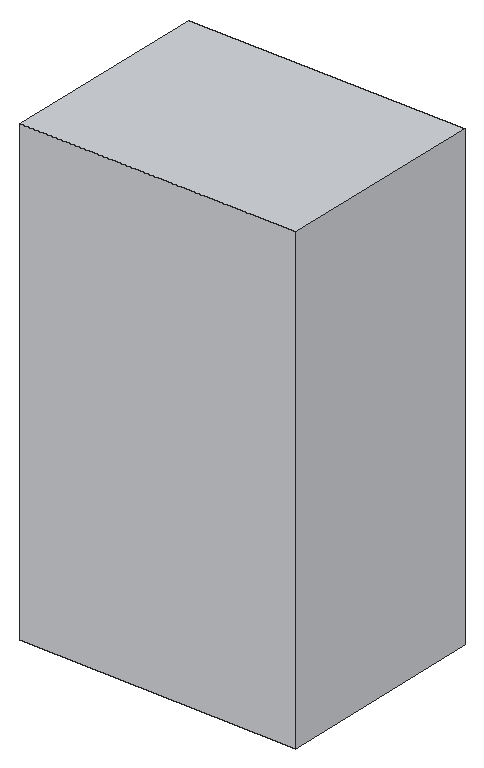
Revit family
Parameters
  Warranty Duration (Years) = 0
  Unit Width [instance] = 1' - 8"
  Unit Height [instance] = 1' - 8"
  Unit Depth = 0' - 1"
  URL = "http://www.americanspecialties.com/viewCategories.cfm"
  Trim Material = Glass
  Test Data = ""
  Specification = "http://www.arcat.com/sdspecs/htm/10810asi.htm"
  SpecWizard = ""
  Send Message = "http://www.arcat.com/users.pl?action=UserEmail&company=American%20Specialties,%20Inc.&coid=30448&rep=139&fax=914-476-0688&mf="
  Sales Information = "http://www.americanspecialties.com/contact"
  Revision = "R1_10-2010"
  Product Properties = "http://www.americanspecialties.com/datasheets/0600.pdf"
  Product Data = "http://www.arcat.com/arcatcos/cos30/arc30448.html"
  Model = "As Specified in 10 28 13"
  Mirror W [instance] = 1' - 7"
  Mirror Height = 1' - 7 1/2"
  Manufacturer Website = "http://www.americanspecialties.com/viewCategories.cfm"
  Manufacturer Phone - Toll Free = ""
  Manufacturer Phone = "914-476-9000 "
  Manufacturer Fax = "914-476-0688"
  Manufacturer Address = "441 Saw Mill River Rd., Yonkers, NY 10701"
  Manufacturer = "American Specialties, Inc."
  Maintenance Schedule (Months) = 0
  M = if(B = 0' 4", 0' 3 205/256", 0' 0 7/8")  # 0' - 0 7/8"
  Keynote = "10 28 13"
  Installation-Fabrication = "http://www.americanspecialties.com/products.cfm"
  Green Building-LEED = ""
  Expected Lifespan (Years) = 0
  Drawn By = "Robert S. Weygant. CSI, CDT, SCIP"  # constant formula
  Description = "Toilet Accessory as Specified in 10 28 13"
  Default Elevation = 4' - 0"
  Copyright = "©Arcat Inc."
  Construction Details = "http://www.arcat.com/green/clients/leed_data_30448.html"
  Building Codes = "http://www.americanspecialties.com/products.cfm"
  Body Material = Metal - Stainless Steel
  B = 0' - 1"
  Assembly Code = "C1030210"
Reference planes (in)
  plane 1 "Center (Front/Back)": y = -0.29112
  plane 2 "Floor Line": z = 0
  plane 3 "Center (Left/Right)": x = -0.65843
  plane 4: z = 58
  plane 5: x = -10.65843
  plane 6: x = 9.34157
  plane 7: z = 48
  plane 8: z = 68
  plane 9: x = 8.84157
  plane 10: x = -10.15843
Forms (in)
  Extrusion 1, solid
    sketch origin (-3, -9, -6) x (0, 0, -1) y (1, 0, 0)
      loop
        line (-82, 26) -> (-82, -19.34712) -> (-6, -19.34712) -> (-6, 26) -> (-82, 26)
    from 9 to -25.60721
  Extrusion 2, solid, material "Metal - Stainless Steel" <- "Body Material"
    sketch origin (-8.65843, 1.75, 0) x (0, 1, 0) y (0, 0, 1)
      loop
        line (-10.79112, 0) -> (9.20888, 0) -> (9.20888, 1) -> (-10.79112, 1) -> (-10.79112, 0)
    from -2 to 18
  Extrusion 3, solid, material "Glass" <- "Trim Material"
    sketch origin (-0.65843, 0, 0) x (0, 1, 0) y (0, 0, 1)
      loop
        line (-9.04112, 0.875) -> (-9.04112, 0) -> (10.45888, 0) -> (10.45888, 0.875) -> (-9.04112, 0.875)
    from -9.5 to 9.5
  Extrusion 4, void
    sketch origin (-0.65843, 0, 0) x (0, 1, 0) y (0, 0, 1)
      loop
        line (10.45888, 0.25) -> (10.45888, 4.08757) -> (-8.54112, 4.08757) -> (-8.54112, 0.25) -> (10.45888, 0.25)
    from -9.5 to 9.5
Cuts and joins
  Extrusion 4 cuts Extrusion 2
Dimensions and locks (in)
  equal spacing: plane 8, plane 4, plane 7
  equal spacing: plane 6, plane 3 "Center (Left/Right)", plane 5
  "Unit Width": plane 6 to plane 5
  "Unit Height": plane 8 to plane 7
  "Default Elevation": plane 7 to plane 2 "Floor Line"
  "Unit Height": Extrusion 2 sketch curve to Extrusion 2 sketch curve
  locked: Extrusion 2 sketch curve to Extrusion 2 sketch curve at 1
  "B": Extrusion 2 sketch curve to Extrusion 2 sketch curve
  locked: cut or joined group of Extrusion 2, Extrusion 4 to cut or joined group of Extrusion 2, Extrusion 4 at 0.5  (x2)
  "Mirror W": plane 10 to plane 9
  equal spacing: plane 10, plane 3 "Center (Left/Right)", plane 9
  "M": Extrusion 3 sketch curve to Extrusion 3 sketch curve
  locked: Extrusion 3 sketch curve to Extrusion 3 sketch curve at 0.875
  aligned and locked: Extrusion 1 to level
  aligned and locked: plane 6 to cut or joined group of Extrusion 2, Extrusion 4
  aligned and locked: cut or joined group of Extrusion 2, Extrusion 4 to plane 5
  aligned and locked: Extrusion 3 to plane 9
  aligned and locked: plane 10 to Extrusion 3
  aligned and locked: Extrusion 3 to Extrusion 4
Automatic sketch dimensions
  Extrusion 1 sketch curve to Extrusion 1 sketch curve = 6' - 4"
  Extrusion 1 sketch curve to Extrusion 1 sketch curve = 3' - 9.34712"
  Extrusion 2 sketch curve to level = 0' - 0"
  plane 1 "Center (Front/Back)" to Extrusion 2 sketch curve = 0' - 8 3/4"
  level to Extrusion 4 sketch curve = 0' - 0 1/4"
  plane 1 "Center (Front/Back)" to Extrusion 4 sketch curve = 0' - 8 1/4"
  level to Extrusion 4 sketch curve = 0' - 4.08757"
  Extrusion 4 sketch curve to plane 1 "Center (Front/Back)" = 0' - 10 3/4"
  plane 1 "Center (Front/Back)" to Extrusion 3 sketch curve = 0' - 8 3/4"
  Extrusion 3 sketch curve to plane 1 "Center (Front/Back)" = 0' - 10 3/4"
  Extrusion 3 sketch curve to level = 0' - 0"
